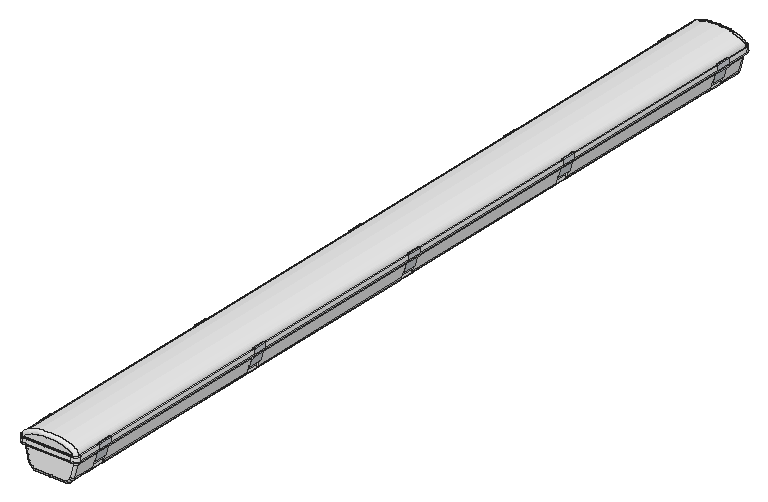
Revit family "0067994 Sylvania Lighting Fixture START Waterproof Twin 1500 Opal IP65 6600lm 840", category Lighting Fixtures, host Face, Revit 2016
Family settings
  Host = Face
  Part Type = Normal
  Round Connector Dimension = Use Diameter
  OmniClass Number = 23.80.70.11.14
  OmniClass Title = General Luminaries, Directional
  Cut with Voids When Loaded = No
  Light Source = Yes
  Shared = No
  Room Calculation Point = No
Parameters (values of type "0067994 ST WTRPRF T 1500 OPAL IP65 6600LM 840")
  Width = 110 mm
  Weight = "kg"
  Wattage Comments = "n/a"
  Wattage = 58 W
  WarrantyStartDate [instance] = "n/a"
  WarrantyGuarantorParts = "n/a"
  WarrantyDurationUnit = "n/a"
  WarrantyDurationParts = "n/a"
  WarrantyDescription = "n/a"
  built-in parameter 1150110 = 1 (stored number, unit not read)
  Voltage = 0 V
  URL = "http://www.sylvania-lighting.com"
  TypeName = "START Waterproof Twin 1500 Opal IP65 6600lm 840"
  Type Image = <None>
  Type Comments = "n/a"
  built-in parameter 1114217 = 1 (stored number, unit not read)
  Tilt Angle = -90.00°
  built-in parameter 1150109 = 1 (stored number, unit not read)
  built-in parameter 1150134 = 12
  built-in parameter 1150113 = 1 (stored number, unit not read)
  SerialNumber [instance] = "n/a"
  ReflectorMaterial = none
  PowerFactor = 0
  PowerConsumption = "58 W"
  Photometric Web File = "0067994.ies"
  NominalWidth = 0 mm
  NominalLength = 1578 mm
  NominalHeight = 78 mm
  Name = "START Waterproof Twin 1500 Opal IP65 6600lm 840"
  ModelReference = "START Waterproof Twin 1500 Opal IP65 6600lm 840"
  ModelNumber = "0067994"
  Model = "START Waterproof Twin 1500 Opal IP65 6600lm 840"
  Material = "polycarbonate housing, polycarbonate diffuser"
  ManufacturerName = "Feilo Sylvania"
  Manufacturer = "Feilo Sylvania"
  LuminousEfficacy = "114 lm/W"
  built-in parameter 1150105 = 526.17 (stored number, unit not read)
  Lumens = 6612 lm
  LuminaireType = ""
  built-in parameter 1150115 = 1 (stored number, unit not read)
  LightOutputRatio = "n/a"
  built-in parameter 1150137 = (empty or 0)
  built-in parameter 1150139 = (empty or 0)
  Length = 1572 mm
  LampsType = Lamp  # "LED"
  LampNominalLuminous = "6600 lm"
  LampMacAdamStep = "n/a"
  LampColourTemperature = "4000 K"
  LampColourRenderingIndex = "80"
  built-in parameter 1150112 = 1 (stored number, unit not read)
  built-in parameter 1150114 = 1 (stored number, unit not read)
  Lamp = "LED"
  Keynote = "16500"
  InstallationDate [instance] = "n/a"
  InputVoltage = "n/a"
  InputNominalFrequency = "n/a"
  built-in parameter 1150132 = (empty or 0)
  built-in parameter 1150102 = (empty or 0)
  built-in parameter 1150107 = 4000 (stored number, unit not read)
  built-in parameter 1150138 = (empty or 0)
  IngressProtection = "IP65"
  ImpactProtectionIndex = "IK08"
  built-in parameter 1150106 = 5.2617 (stored number, unit not read)
  IfcExportType = "IfcLightFixtureType"
  IfcExportAs = "IfcLightFixtureType"
  ExpectedLife = 50000
  Emit from Rectangle Width = Width - 20 mm  # 90 mm
  Emit from Rectangle Length = Length - 20 mm  # 1552 mm
  Emit Shape Visible in Rendering = no
  ElectricShockClassification = "Class I"
  built-in parameter 1150104 = 10.591 (stored number, unit not read)
  DurationUnit = "hours"
  DocumentationLiterature = "http://www.sylvania-lighting.com/product/en-int/products/0067994"
  DimmingControlOptions = "n/a"
  Dimming Lamp Color Temperature Shift = <None>
  DiffuserMaterial = Diffuser-Sylvania-Transparent
  Description = ""
  Default Elevation = 1219.2 mm
  CreatedOn = "11/27/2018"
  CreatedBy = "@sylvania-lighting.com"
  Cost = 0
  Color Filter = 16777215
  built-in parameter 1114216 [instance] = (empty or 0)
  ClassificationValue = "EF_70_80"
  ClassificationName = "Uniclass2015"
  BodyMaterial = Body-Sylvania-Gray
  BarCode [instance] = "n/a"
  built-in parameter 1114218 = 1 (stored number, unit not read)
  built-in parameter 1150133 = 10 (stored number, unit not read)
  AssetType = "Fixed"
  AssetIdentifier [instance] = "n/a"
  Assembly Code = "D5020200"
  Apparent Load = 58 VA
  AccessoryMaterial = Diffuser-Sylvania-Glow
Reference planes
  plane 1 "Center (Front/Back)": y = 0
  plane 2: z = 0
  plane 3 "Center (Left/Right)": x = 0
  plane 4: z = 54
  plane 5: x = -27.7
  plane 6: x = -34.8
  plane 7: x = -39.6
  plane 8: x = -42.2
  plane 9: z = 3
  plane 10: z = 7.8
  plane 11: z = 12.3
  plane 12: z = 36.6
  plane 13: z = 42.8
  plane 14: x = -51.1
  plane 15: z = 46.2
  plane 16: x = -55
  plane 17: y = 786
  plane 18: y = -786
  plane 19: x = 27.7
  plane 20: x = 34.8
  plane 21: x = 39.6
  plane 22: x = 42.2
  plane 23: x = 51.1
  plane 24: x = 55
  plane 25: y = 778.4
  plane 26: y = -778.4
  plane 27: y = -774.7
  plane 28: y = 774.7
  plane 29: z = 74
  plane 30: x = -51.5
  plane 31: x = 51.5
  plane 32: z = 55.2
  plane 33: y = -782.5
  plane 34: y = 782.5
  plane 35: x = -37.5
  plane 36: x = 37.5
  plane 37: x = -48.7
  plane 38: x = 48.7
  plane 39: x = 18
  plane 40: x = -18
  plane 41: z = 50.2
  plane 42: z = 24.6
  plane 43: y = 720
  plane 44: y = 706
  plane 45: y = 734
  plane 46: y = -720
  plane 47: y = 720
  plane 48: y = 706
  plane 49: y = 734
  plane 50: y = -720
  plane 51: y = -734
  plane 52: y = -706
  plane 53: y = 360
  plane 54: y = 346
  plane 55: y = 374
  plane 56: y = 0
  plane 57: y = -14
  plane 58: y = 14
  plane 59: y = -360
  plane 60: y = -374
  plane 61: y = -346
Forms (mm)
  Sweep 1, solid, material "Body-Sylvania-Gray" <- "BodyMaterial", detail levels medium+fine
    path origin (1223.4, -4572, 54) x (0, -1, 0) y (1, 0, 0)
      loop
        arc (-3796, -1278.4) -> (-3788.929, -1275.471) -> (-3786, -1268.4) r 10
        line (-3786, -1268.4) -> (-3786, -1178.4)
        arc (-3786, -1178.4) -> (-3788.929, -1171.329) -> (-3796, -1168.4) r 10
        line (-3796, -1168.4) -> (-5348, -1168.4)
        arc (-5348, -1168.4) -> (-5355.071, -1171.329) -> (-5358, -1178.4) r 10
        line (-5358, -1178.4) -> (-5358, -1268.4)
        arc (-5358, -1268.4) -> (-5355.071, -1275.471) -> (-5348, -1278.4) r 10
        line (-5348, -1278.4) -> (-3796, -1278.4)
    profile origin (-55, 0, 54) x (-1, 0, 0) y (0, 0, 1)
      loop
        line (0, 0) -> (-1, 0) -> (-1, -7.726)
        arc (-1, -7.726) -> (-1.994, -9.498) -> (-3.9, -10.2) r 2.937
        line (-3.9, -10.2) -> (-8.571, -10.2) -> (-8.571, -11.2) -> (-3.9, -11.2)
        arc (-3.9, -11.2) -> (-1.313, -10.231) -> (0, -7.8) r 3.937
        line (0, -7.8) -> (0, 0)
  Sweep 2, solid, material "Body-Sylvania-Gray" <- "BodyMaterial", detail levels medium+fine
    path origin (0, 0, 0) x (1, 0, 0) y (0, 0, 1)
      loop
        line (48.7, 42.8) -> (48.7, 36.6) -> (42.203, 12.31)
        arc (42.203, 12.31) -> (41.199, 9.884) -> (39.6, 7.8) r 10.052
        line (39.6, 7.8) -> (34.8, 3)
        arc (34.8, 3) -> (31.554, 0.781) -> (27.7, 0) r 9.902
        line (27.7, 0) -> (0, 0) -> (-27.7, 0)
        arc (-27.7, 0) -> (-31.554, 0.781) -> (-34.8, 3) r 9.902
        line (-34.8, 3) -> (-39.6, 7.8)
        arc (-39.6, 7.8) -> (-41.199, 9.884) -> (-42.203, 12.31) r 10.052
        line (-42.203, 12.31) -> (-48.7, 36.6) -> (-48.7, 42.8)
    profile origin (0, 0, 0) x (0, 0, -1) y (0, -1, 0)
      loop
        arc (0, 773.4) -> (-1.464, 776.936) -> (-5, 778.4) r 5
        line (-5, 778.4) -> (-7.8, 778.4) -> (-7.8, -778.4) -> (-5, -778.4)
        arc (-5, -778.4) -> (-1.464, -776.936) -> (0, -773.4) r 5
        line (0, -773.4) -> (0, 773.4)
  Extrusion 3, solid, material "Body-Sylvania-Gray" <- "BodyMaterial", detail levels medium+fine
    sketch origin (1524, 778.4, 1219.2) x (1, 0, 0) y (0, 0, 1)
      loop
        arc (-1558.668, -1204.874) -> (-1558.443, -1205.418) -> (-1558.085, -1205.885) r 2.252
        line (-1558.085, -1205.885) -> (-1553.231, -1210.738)
        arc (-1553.231, -1210.738) -> (-1552.534, -1211.227) -> (-1551.7, -1211.4) r 2.102
        line (-1551.7, -1211.4) -> (-1496.3, -1211.4)
        arc (-1496.3, -1211.4) -> (-1495.466, -1211.227) -> (-1494.769, -1210.738) r 2.102
        line (-1494.769, -1210.738) -> (-1489.915, -1205.885)
        arc (-1489.915, -1205.885) -> (-1489.557, -1205.418) -> (-1489.332, -1204.874) r 2.252
        line (-1489.332, -1204.874) -> (-1483.1, -1181.575) -> (-1483.1, -1176.4) -> (-1564.9, -1176.4) -> (-1564.9, -1181.575) -> (-1558.668, -1204.874)
    from 0 to 1556.8
  Sweep 4, solid, material "Diffuser-Sylvania-Transparent" <- "DiffuserMaterial", detail levels medium+fine
    path origin (0, 0, 0) x (1, 0, 0) y (0, 0, 1)
      loop
        spline (-51.5, 55.2) -> (-49.745, 60.066) -> (-44.6, 64.6) -> (-36.416, 68.494) -> (-25.75, 71.481) -> (-13.329, 73.359) -> (0, 74) -> (13.329, 73.359) -> (25.75, 71.481) -> (36.416, 68.494) -> (44.6, 64.6) -> (49.745, 60.066) -> (51.5, 55.2)
    profile origin (51.5, 0, 55.2) x (0, -1, 0) y (1, 0, 0)
      loop
        arc (782.5, -5.5) -> (780.889, -1.611) -> (777, 0) r 5.5
        line (777, 0) -> (-777, 0)
        arc (-777, 0) -> (-780.889, -1.611) -> (-782.5, -5.5) r 5.5
        line (-782.5, -5.5) -> (-782.5, -6.3) -> (-781.5, -6.3) -> (-781.5, -5.5)
        arc (-781.5, -5.5) -> (-780.182, -2.318) -> (-777, -1) r 4.5
        line (-777, -1) -> (777, -1)
        arc (777, -1) -> (780.182, -2.318) -> (781.5, -5.5) r 4.5
        line (781.5, -5.5) -> (781.5, -6.347) -> (782.5, -6.347) -> (782.5, -5.5)
  Extrusion 5, solid, material "Diffuser-Sylvania-Transparent" <- "DiffuserMaterial", detail levels medium+fine
    sketch origin (1524, -782.5, 1219.2) x (1, 0, 0) y (0, 0, 1)
      loop
        line (-1569.653, -1164) -> (-1478.347, -1164)
        spline (-1478.347, -1164) -> (-1478.969, -1162.594) -> (-1482.527, -1159.545) -> (-1489.588, -1156.201) -> (-1499.458, -1153.445) -> (-1511.242, -1151.663) -> (-1524, -1151.049) -> (-1536.758, -1151.663) -> (-1548.542, -1153.445) -> (-1558.412, -1156.201) -> (-1565.473, -1159.545) -> (-1569.031, -1162.594) -> (-1569.653, -1164)
    from 0 to -1
  Extrusion 6, solid, material "Diffuser-Sylvania-Transparent" <- "DiffuserMaterial", detail levels medium+fine
    sketch origin (1524, 782.5, 1219.2) x (1, 0, 0) y (0, 0, 1)
      loop
        spline (-1478.3, -1164) -> (-1478.931, -1162.565) -> (-1482.502, -1159.505) -> (-1489.572, -1156.155) -> (-1499.446, -1153.394) -> (-1511.236, -1151.614) -> (-1524, -1151.007) -> (-1536.764, -1151.614) -> (-1548.554, -1153.394) -> (-1558.428, -1156.155) -> (-1565.498, -1159.505) -> (-1569.069, -1162.565) -> (-1569.7, -1164)
        line (-1569.7, -1164) -> (-1478.3, -1164)
    from 0 to 1
  Extrusion 7, solid, material "Diffuser-Sylvania-Transparent" <- "DiffuserMaterial", detail levels medium+fine
    sketch origin (1223.4, -4572, 55.2) x (0, -1, 0) y (-1, 0, 0)
      loop
        arc (-5353.5, 1177.4) -> (-5352.182, 1174.218) -> (-5349, 1172.9) r 4.5
        line (-5349, 1172.9) -> (-3795, 1172.9)
        arc (-3795, 1172.9) -> (-3791.818, 1174.218) -> (-3790.5, 1177.4) r 4.5
        line (-3790.5, 1177.4) -> (-3790.5, 1269.4)
        arc (-3790.5, 1269.4) -> (-3791.818, 1272.582) -> (-3795, 1273.9) r 4.5
        line (-3795, 1273.9) -> (-5349, 1273.9)
        arc (-5349, 1273.9) -> (-5352.182, 1272.582) -> (-5353.5, 1269.4) r 4.5
        line (-5353.5, 1269.4) -> (-5353.5, 1177.4)
      loop
        line (-5358, 1268.4) -> (-5358, 1178.4)
        arc (-5358, 1178.4) -> (-5355.071, 1171.329) -> (-5348, 1168.4) r 10
        line (-5348, 1168.4) -> (-3796, 1168.4)
        arc (-3796, 1168.4) -> (-3788.929, 1171.329) -> (-3786, 1178.4) r 10
        line (-3786, 1178.4) -> (-3786, 1268.4)
        arc (-3786, 1268.4) -> (-3788.929, 1275.471) -> (-3796, 1278.4) r 10
        line (-3796, 1278.4) -> (-5348, 1278.4)
        arc (-5348, 1278.4) -> (-5355.071, 1275.471) -> (-5358, 1268.4) r 10
    from 0 to 1.2
  Extrusion 8, solid, material "Diffuser-Sylvania-Glow" <- "AccessoryMaterial", detail levels fine
    sketch origin (0, 0, 0) x (1, 0, 0) y (0, 0, 1)
      loop
        circle (-18, 50.2) r 8
      loop
        circle (18, 50.2) r 8
    from -774.7 to 774.7
  Extrusion 9, void
    sketch origin (0, 720, 2343.807) x (0, 0, -1) y (-1, 0, 0)
      loop
        line (2340.807, -37.5) -> (2331.507, -37.5) -> (2319.207, -42.2) -> (2319.207, -48.7) -> (2340.807, -48.7) -> (2340.807, -37.5)
      loop
        line (2340.807, 37.5) -> (2340.807, 48.7) -> (2319.207, 48.7) -> (2319.207, 42.2) -> (2331.507, 37.5) -> (2340.807, 37.5)
    from -14 to 14
  Extrusion 10, solid, material "Body-Sylvania-Gray" <- "BodyMaterial", detail levels coarse
    sketch origin (0, 0, 0) x (1, 0, 0) y (0, 0, 1)
      loop
        line (55, 42.8) -> (55, 55.2) -> (-55, 55.2) -> (-55, 42.791) -> (-42.2, 0) -> (42.2, 0) -> (55, 42.8)
    from -786 to 786
  Extrusion 11, solid, material "Diffuser-Sylvania-Transparent" <- "DiffuserMaterial", detail levels coarse
    sketch origin (0, 0, 0) x (1, 0, 0) y (0, 0, 1)
      loop
        arc (51.5, 55.2) -> (0, 74) -> (-51.5, 55.2) r 79.939
        line (-51.5, 55.2) -> (51.5, 55.2)
    from 778.4 to -778.4
  Extrusion 12, void, not visible
    sketch origin (0, 720, 2343.807) x (0, 0, -1) y (-1, 0, 0)
      loop
        line (2340.807, -37.5) -> (2331.507, -37.5) -> (2319.207, -42.2) -> (2319.207, -48.7) -> (2340.807, -48.7) -> (2340.807, -37.5)
      loop
        line (2340.807, 37.5) -> (2340.807, 48.7) -> (2319.207, 48.7) -> (2319.207, 42.2) -> (2331.507, 37.5) -> (2340.807, 37.5)
    from -14 to 14
  Extrusion 13, void
    sketch origin (0, -720, 2343.807) x (0, 0, -1) y (-1, 0, 0)
      loop
        line (2340.807, -37.5) -> (2331.507, -37.5) -> (2319.207, -42.2) -> (2319.207, -48.7) -> (2340.807, -48.7) -> (2340.807, -37.5)
      loop
        line (2340.807, 37.5) -> (2340.807, 48.7) -> (2319.207, 48.7) -> (2319.207, 42.2) -> (2331.507, 37.5) -> (2340.807, 37.5)
    from -14 to 14
  Extrusion 14, void
    sketch origin (0, 360, 2343.807) x (0, 0, -1) y (-1, 0, 0)
      loop
        line (2340.807, -37.5) -> (2331.507, -37.5) -> (2319.207, -42.2) -> (2319.207, -48.7) -> (2340.807, -48.7) -> (2340.807, -37.5)
      loop
        line (2340.807, 37.5) -> (2340.807, 48.7) -> (2319.207, 48.7) -> (2319.207, 42.2) -> (2331.507, 37.5) -> (2340.807, 37.5)
    from -14 to 14
  Extrusion 15, void
    sketch origin (0, 0, 2343.807) x (0, 0, -1) y (-1, 0, 0)
      loop
        line (2340.807, -37.5) -> (2331.507, -37.5) -> (2319.207, -42.2) -> (2319.207, -48.7) -> (2340.807, -48.7) -> (2340.807, -37.5)
      loop
        line (2340.807, 37.5) -> (2340.807, 48.7) -> (2319.207, 48.7) -> (2319.207, 42.2) -> (2331.507, 37.5) -> (2340.807, 37.5)
    from -14 to 14
  Extrusion 16, void
    sketch origin (0, -360, 2343.807) x (0, 0, -1) y (-1, 0, 0)
      loop
        line (2340.807, -37.5) -> (2331.507, -37.5) -> (2319.207, -42.2) -> (2319.207, -48.7) -> (2340.807, -48.7) -> (2340.807, -37.5)
      loop
        line (2340.807, 37.5) -> (2340.807, 48.7) -> (2319.207, 48.7) -> (2319.207, 42.2) -> (2331.507, 37.5) -> (2340.807, 37.5)
    from -14 to 14
Cuts and joins
  Extrusion 9, Extrusion 13, Extrusion 14, Extrusion 15, Extrusion 16 cuts Sweep 2
  Extrusion 13, Extrusion 14, Extrusion 15, Extrusion 16 cuts Extrusion 3
  joined: Sweep 2, Extrusion 3
  joined: Sweep 4, Extrusion 5, Extrusion 6
Dimensions and locks
  locked: plane 4 to plane 2 at 54
  plane 5 to plane 6 to plane 7 to plane 8 to plane 14 to plane 16 = 7.1 mm locked, 4.8 mm locked, 2.6 mm locked, 8.9 mm, 3.9 mm
  plane 4 to plane 15 to plane 13 to plane 12 to plane 11 to plane 10 to plane 9 = 7.8 mm locked, 3.4 mm, 6.2 mm locked, 24.3 mm locked, 4.5 mm locked, 4.8 mm locked
  equal spacing: plane 18, plane 1 "Center (Front/Back)", plane 17
  "Length": plane 18 to plane 17
  plane 19 to plane 20 to plane 21 to plane 22 to plane 23 to plane 24 = 7.1 mm locked, 4.8 mm locked, 2.6 mm locked, 8.9 mm, 3.9 mm
  equal spacing: plane 24, plane 3 "Center (Left/Right)", plane 16
  "Width": plane 24 to plane 16
  equal spacing: plane 27, plane 1 "Center (Front/Back)", plane 28
  locked: plane 26 to plane 27 at 3.7
  locked: Sweep 1 sketch curve to profile plane at 1
  locked: Sweep 1 sketch curve to plane 13 at 1
  locked: Sweep 1 sketch curve to plane 13 at 3.937  (x2)
  locked: Sweep 1 sketch curve to profile plane at 3.9  (x2)
  locked: plane 29 to plane 4 at 20
  equal spacing: plane 31, plane 3 "Center (Left/Right)", plane 30
  locked: plane 30 to plane 16 at 3.5
  locked: plane 32 to plane 4 at 1.2
  equal spacing: plane 33, plane 1 "Center (Front/Back)", plane 34
  equal spacing: plane 36, plane 3 "Center (Left/Right)", plane 35
  locked: plane 3 "Center (Left/Right)" to plane 35 at 37.5
  locked: plane 34 to plane 17 at 3.5
  equal spacing: plane 38, plane 3 "Center (Left/Right)", plane 37
  locked: plane 37 to plane 16 at 6.3
  equal spacing: plane 25, plane 1 "Center (Front/Back)", plane 26
  locked: plane 17 to plane 25 at 7.6
  locked: Sweep 2 sketch curve to plane 2 at 5  (x2)
  locked: Sweep 2 sketch curve to plane 26 at 5
  locked: plane 25 to Sweep 2 sketch curve at 5
  locked: Sweep 4 sketch curve to plane 31 at 5.5  (x2)
  locked: Sweep 4 sketch curve to plane 34 at 5.5
  plane 33 to Sweep 4 sketch curve = 5.5 mm
  locked: plane 34 to Sweep 4 sketch curve at 1
  locked: Sweep 4 sketch curve to plane 31 at 1
  locked: Sweep 4 sketch curve to Sweep 4 sketch curve at 1
  locked: Sweep 4 sketch curve to plane 31 at 6.347
  locked: Sweep 4 sketch curve to plane 31 at 6.3
  equal spacing: plane 39, plane 3 "Center (Left/Right)", plane 40
  locked: plane 3 "Center (Left/Right)" to plane 40 at 18
  locked: plane 42 to plane 2 at 24.6
  plane 45 to plane 43 to plane 44 = 14 mm locked, 14 mm locked
  locked: plane 17 to plane 43 at 66
  equal spacing: plane 43, plane 1 "Center (Front/Back)", plane 46
  plane 49 to plane 47 to plane 48 = 14 mm locked, 14 mm locked
  plane 52 to plane 50 to plane 51 = 14 mm locked, 14 mm locked  (x2)
  equal spacing: group 1, group 6, group 7, group 8, group 5  (x2)
  equal spacing: group 5, group 8, group 7, group 6, group 1
  plane 55 to plane 53 to plane 54 = 14 mm locked, 14 mm locked  (x2)
  plane 58 to plane 56 to plane 57 = 14 mm locked, 14 mm locked  (x2)
  plane 61 to plane 59 to plane 60 = 14 mm locked, 14 mm locked  (x2)
  plane 43 to plane 53 to plane 1 "Center (Front/Back)" to plane 59 to plane 50 = 360 mm locked, 360 mm locked, 360 mm locked, 360 mm locked
  aligned and locked: plane 2 to host face
  aligned and locked: level to host face
  aligned and locked: plane 16 to Sweep 1 sketch curve
  aligned and locked: Sweep 1 sketch curve to plane 24
  aligned and locked: plane 18 to Sweep 1 sketch curve
  aligned and locked: Sweep 1 sketch curve to plane 13
  aligned and locked: profile plane to Sweep 1 sketch curve
  aligned and locked: plane 3 "Center (Left/Right)" to Sweep 2 sketch curve
  aligned and locked: plane 9 to Sweep 2 sketch curve
  aligned and locked: plane 10 to Sweep 2 sketch curve
  aligned and locked: plane 37 to Sweep 2 sketch curve
  aligned and locked: plane 12 to Sweep 2 sketch curve
  aligned and locked: Sweep 2 sketch curve to level
  aligned and locked: plane 21 to Sweep 2 sketch curve
  aligned and locked: plane 38 to Sweep 2 sketch curve
  aligned and locked: profile plane to Sweep 2 sketch curve
  aligned and locked: plane 25 to Sweep 2 sketch curve
  aligned and locked: Sweep 2 sketch curve to plane 10
  aligned and locked: Extrusion 3 sketch curve to Sweep 2  (x7)
  aligned and locked: Sweep 2 to Extrusion 3 sketch curve
  aligned and locked: Extrusion 3 to plane 25
  aligned and locked: plane 26 to Extrusion 3
  aligned and locked: plane 32 to Sweep 4 sketch curve
  aligned and locked: plane 33 to Sweep 4 sketch curve
  aligned and locked: Sweep 4 to Extrusion 5
  aligned and locked: plane 33 to Extrusion 5
  aligned and locked: Extrusion 5 sketch curve to Sweep 4
  aligned and locked: cut or joined group of Sweep 4, Extrusion 5, Extrusion 6 to Extrusion 6 sketch curve
  aligned and locked: Extrusion 7 sketch curve to cut or joined group of Sweep 4, Extrusion 5, Extrusion 6  (x2)
  aligned and locked: cut or joined group of Sweep 4, Extrusion 5, Extrusion 6 to Extrusion 7 sketch curve  (x2)
  aligned and locked: plane 41 to Extrusion 8 sketch curve  (x2)
  aligned and locked: plane 39 to Extrusion 8 sketch curve
  aligned and locked: plane 27 to Extrusion 8
  aligned and locked: Extrusion 8 to plane 28
  aligned and locked: Extrusion 9 to plane 42
  aligned and locked: plane 9 to Extrusion 9
  aligned and locked: plane 44 to Extrusion 9
  aligned and locked: Extrusion 9 to plane 45
  aligned and locked: Extrusion 7 sketch curve to Sweep 1  (x4)
  aligned and locked: plane 4 to Extrusion 7
  aligned and locked: Extrusion 7 to plane 32
  aligned and locked: nested 2 to plane 43
  aligned and locked: plane 43 to nested 1
  aligned and locked: Extrusion 10 sketch curve to plane 24
  aligned and locked: Extrusion 10 sketch curve to Extrusion 7
  aligned and locked: plane 8 to Extrusion 10 sketch curve
  aligned and locked: plane 22 to Extrusion 10 sketch curve
  aligned and locked: level to Extrusion 10 sketch curve
  aligned and locked: Extrusion 10 to plane 17
  aligned and locked: plane 18 to Extrusion 10
  aligned and locked: cut or joined group of Sweep 4, Extrusion 5, Extrusion 6 to Extrusion 11 sketch curve
  aligned and locked: Extrusion 11 sketch curve to cut or joined group of Sweep 4, Extrusion 5, Extrusion 6  (x2)
  aligned and locked: plane 31 to Extrusion 11 sketch curve
  aligned and locked: plane 30 to Extrusion 11 sketch curve
  aligned and locked: plane 26 to Extrusion 11
  aligned and locked: Extrusion 11 to plane 25
  aligned and locked: imposter light to plane 29
  aligned and locked: plane 3 "Center (Left/Right)" to imposter light
  aligned and locked: plane 1 "Center (Front/Back)" to imposter light
  aligned and locked: plane 51 to Extrusion 13
  aligned and locked: Extrusion 13 to plane 52
  aligned and locked: plane 54 to Extrusion 14
  aligned and locked: Extrusion 14 to plane 55
  aligned and locked: plane 57 to Extrusion 15
  aligned and locked: Extrusion 15 to plane 58
  aligned and locked: plane 60 to Extrusion 16
  aligned and locked: Extrusion 16 to plane 61
  aligned and locked: nested 3 to plane 53
  aligned and locked: plane 53 to nested 10
  aligned and locked: nested 4 to plane 56
  aligned and locked: plane 56 to nested 9
  aligned and locked: nested 5 to plane 59
  aligned and locked: plane 59 to nested 8
  aligned and locked: nested 6 to plane 50
  aligned and locked: plane 50 to nested 7
Automatic sketch dimensions
  host sketch curve to host sketch curve = 2438.4 mm  (x2)
  plane 17 to Sweep 1 sketch curve = 0 mm
  Sweep 1 sketch curve to plane 28 = 1.3 mm
  Sweep 1 sketch curve to plane 7 = 5.4 mm
  plane 27 to Sweep 1 sketch curve = 1.3 mm  (x2)
  Sweep 1 sketch curve to Sweep 1 sketch curve = 4.671 mm
  Sweep 1 sketch curve to plane 4 = 0 mm
  Sweep 2 sketch curve to plane 7 = 0 mm
  Sweep 2 sketch curve to plane 6 = 0 mm
  Sweep 2 sketch curve to plane 5 = 0 mm
  plane 19 to Sweep 2 sketch curve = 0 mm
  Sweep 2 sketch curve to plane 9 = 0 mm
  plane 20 to Sweep 2 sketch curve = 0 mm
  Sweep 2 sketch curve to plane 12 = 0 mm
  Sweep 2 sketch curve to plane 10 = 0 mm
  Sweep 2 sketch curve to plane 13 = 0 mm  (x2)
  Sweep 2 sketch curve to plane 8 = 0.003 mm
  plane 6 to Sweep 2 sketch curve = 2.308 mm
  plane 20 to Sweep 2 sketch curve = 2.308 mm
  Sweep 2 sketch curve to plane 22 = 0.003 mm
  Sweep 2 sketch curve to plane 11 = 0.01 mm  (x2)
  Extrusion 3 sketch curve to plane 5 = 0 mm
  plane 19 to Extrusion 3 sketch curve = 0 mm
  plane 6 to Extrusion 3 sketch curve = 0.132 mm
  plane 6 to Extrusion 3 sketch curve = 0.715 mm
  Extrusion 3 sketch curve to Extrusion 3 sketch curve = 1.592 mm
  Extrusion 3 sketch curve to plane 10 = 0.662 mm  (x2)
  plane 20 to Extrusion 3 sketch curve = 2.308 mm
  plane 20 to Extrusion 3 sketch curve = 0.715 mm
  plane 20 to Extrusion 3 sketch curve = 0.132 mm
  Sweep 4 sketch curve to plane 30 = 0 mm
  Sweep 4 sketch curve to plane 3 "Center (Left/Right)" = 0 mm
  Sweep 4 sketch curve to Sweep 4 sketch curve = 0 mm  (x2)
  plane 37 to Extrusion 5 sketch curve = 3.047 mm
  Extrusion 5 sketch curve to plane 38 = 3.047 mm
  plane 37 to Extrusion 6 sketch curve = 3 mm
  Extrusion 6 sketch curve to plane 38 = 3 mm
  plane 25 to Extrusion 7 sketch curve = 1.4 mm  (x2)
  Extrusion 7 sketch curve to plane 26 = 1.4 mm  (x2)
  Extrusion 8 sketch curve to plane 40 = 0 mm
  Extrusion 9 sketch curve to Extrusion 9 sketch curve = 0 mm
  Extrusion 9 sketch curve to Extrusion 9 sketch curve = 12.3 mm  (x2)
  Extrusion 9 sketch curve to Extrusion 9 sketch curve = 9.3 mm  (x2)
  Extrusion 9 sketch curve to Extrusion 9 sketch curve = 6.5 mm
  Extrusion 9 sketch curve to Extrusion 9 sketch curve = 4.7 mm  (x2)
  Extrusion 9 sketch curve to Extrusion 9 sketch curve = 75 mm
  Extrusion 9 sketch curve to Extrusion 9 sketch curve = 11.2 mm
  Extrusion 10 sketch curve to plane 13 = 0 mm
  plane 13 to Extrusion 10 sketch curve = 0.009 mm
  Extrusion 11 sketch curve to level = 5.939 mm
  Extrusion 10 sketch curve to plane 16 = 0 mm
  Extrusion 12 sketch curve to Extrusion 12 sketch curve = 0 mm
  Extrusion 12 sketch curve to Extrusion 12 sketch curve = 12.3 mm  (x2)
  Extrusion 12 sketch curve to Extrusion 12 sketch curve = 9.3 mm  (x2)
  Extrusion 12 sketch curve to Extrusion 12 sketch curve = 6.5 mm
  Extrusion 12 sketch curve to Extrusion 12 sketch curve = 4.7 mm  (x2)
  Extrusion 12 sketch curve to Extrusion 12 sketch curve = 75 mm
  Extrusion 12 sketch curve to Extrusion 12 sketch curve = 11.2 mm
  Extrusion 13 sketch curve to Extrusion 13 sketch curve = 0 mm
  Extrusion 13 sketch curve to Extrusion 13 sketch curve = 12.3 mm  (x2)
  Extrusion 13 sketch curve to Extrusion 13 sketch curve = 9.3 mm  (x2)
  Extrusion 13 sketch curve to Extrusion 13 sketch curve = 6.5 mm
  Extrusion 13 sketch curve to Extrusion 13 sketch curve = 4.7 mm  (x2)
  Extrusion 13 sketch curve to Extrusion 13 sketch curve = 75 mm
  Extrusion 13 sketch curve to Extrusion 13 sketch curve = 11.2 mm
  Extrusion 14 sketch curve to Extrusion 14 sketch curve = 0 mm
  Extrusion 14 sketch curve to Extrusion 14 sketch curve = 12.3 mm  (x2)
  Extrusion 14 sketch curve to Extrusion 14 sketch curve = 9.3 mm  (x2)
  Extrusion 14 sketch curve to Extrusion 14 sketch curve = 6.5 mm
  Extrusion 14 sketch curve to Extrusion 14 sketch curve = 4.7 mm  (x2)
  Extrusion 14 sketch curve to Extrusion 14 sketch curve = 75 mm
  Extrusion 14 sketch curve to Extrusion 14 sketch curve = 11.2 mm
  Extrusion 15 sketch curve to Extrusion 15 sketch curve = 0 mm
  Extrusion 15 sketch curve to Extrusion 15 sketch curve = 12.3 mm  (x2)
  Extrusion 15 sketch curve to Extrusion 15 sketch curve = 9.3 mm  (x2)
  Extrusion 15 sketch curve to Extrusion 15 sketch curve = 6.5 mm
  Extrusion 15 sketch curve to Extrusion 15 sketch curve = 4.7 mm  (x2)
  Extrusion 15 sketch curve to Extrusion 15 sketch curve = 75 mm
  Extrusion 15 sketch curve to Extrusion 15 sketch curve = 11.2 mm
  Extrusion 16 sketch curve to Extrusion 16 sketch curve = 0 mm
  Extrusion 16 sketch curve to Extrusion 16 sketch curve = 12.3 mm  (x2)
  Extrusion 16 sketch curve to Extrusion 16 sketch curve = 9.3 mm  (x2)
  Extrusion 16 sketch curve to Extrusion 16 sketch curve = 6.5 mm
  Extrusion 16 sketch curve to Extrusion 16 sketch curve = 4.7 mm  (x2)
  Extrusion 16 sketch curve to Extrusion 16 sketch curve = 75 mm
  Extrusion 16 sketch curve to Extrusion 16 sketch curve = 11.2 mm
  radius of Extrusion 8 sketch curve = 8 mm  (x2)
Nested families
  nested 1: "Clip" at (42.2, 720, 24.6), type "Clip", detail levels fine
  nested 2: "Clip" at (-42.2, 720, 24.6) x (-1, 0, 0) z (0, 0, 1), type "Clip", detail levels fine
  nested 3: "Clip" at (-42.2, 360, 24.6) x (-1, 0, 0) z (0, 0, 1), type "Clip", detail levels fine
  nested 4: "Clip" at (-42.2, 0, 24.6) x (-1, 0, 0) z (0, 0, 1), type "Clip", detail levels fine
  nested 5: "Clip" at (-42.2, -360, 24.6) x (-1, 0, 0) z (0, 0, 1), type "Clip", detail levels fine
  nested 6: "Clip" at (-42.2, -720, 24.6) x (-1, 0, 0) z (0, 0, 1), type "Clip", detail levels fine
  nested 7: "Clip" at (42.2, -720, 24.6), type "Clip", detail levels fine
  nested 8: "Clip" at (42.2, -360, 24.6), type "Clip", detail levels fine
  nested 9: "Clip" at (42.2, 0, 24.6), type "Clip", detail levels fine
  nested 10: "Clip" at (42.2, 360, 24.6), type "Clip", detail levels fine
Connectors
  electrical at (0, 0, 0), driven by "Apparent Load"
    settings: index 1, voltage 230 V, apparent load 58 VA, apparent load phase1 0 VA, apparent load phase2 0 VA, apparent load phase3 0 VA, power factor 0, load classification "Lighting", number of poles 1, system type 30, power factor state 1, is connector primary yes, connector utility no, sub classification motor no, connector description ""
Definition of nested family "Clip"
  Parameters (values of type "Clip")
    URL = "http://www.feilosylvania.com"
    Type Comments = "n/a"
    Model = "n/a"
    Manufacturer = "Feilo Sylvania"
    Keynote = "n/a"
    Description = "n/a"
    Default Elevation = 1219.2 mm
    Cost = 0
    BodyMaterial = none
    Assembly Code = "n/a"
  Reference planes
    plane 1 "Center (Front/Back)": y = 0
    plane 2: z = 0
    plane 3 "Center (Left/Right)": x = 0
    plane 4: x = 3.3
    plane 5: x = 6.5
    plane 6: x = 8.9
    plane 7: x = 12.8
    plane 8: z = 12
    plane 9: z = 18.2
    plane 10: z = 21.6
    plane 11: z = 30.6
    plane 12: x = 9.3
    plane 13: z = 19.2
    plane 14: z = 16.2
    plane 15: x = 10.1
    plane 16: y = 12
    plane 17: y = -12
  Forms (mm)
    Extrusion 1, solid
      sketch origin (-0.8, 0, 0) x (1, 0, 0) y (0, 1, 0)
        loop
          line (-1219.2, 1219.2) -> (-1219.2, -1219.2) -> (1219.2, -1219.2) -> (1219.2, 1219.2) -> (-1219.2, 1219.2)
      from 0 to -304.8
    Extrusion 2, solid
      sketch origin (0, 0, 0) x (1, 0, 0) y (0, 0, 1)
        loop
          line (8.9, 16.2) -> (4.58, 0) -> (0, 0) -> (0, -0.8) -> (5.195, -0.8) -> (9.603, 15.731) -> (13.6, 18.806) -> (13.6, 30.6)
          arc (13.6, 30.6) -> (11.45, 32.75) -> (9.3, 30.6) r 2.15
          line (9.3, 30.6) -> (10.1, 30.6)
          arc (10.1, 30.6) -> (11.45, 31.95) -> (12.8, 30.6) r 1.35
          line (12.8, 30.6) -> (12.8, 19.2) -> (8.9, 16.2)
      from -12 to 12
  Lines and regions (mm)
    reference lines
      curve 1: line (3.3, 0, 0) -> (6.5, 0, 12)
      curve 2: arc (8.9, 0, 18.2) -> (11.488, 0, 19.169) -> (12.8, 0, 21.6) r 3.934
  Dimensions and locks
    plane 7 to plane 6 to plane 5 to plane 4 to plane 3 "Center (Left/Right)" = 3.9 mm locked, 2.4 mm locked, 3.2 mm locked, 3.3 mm locked
    plane 11 to plane 10 to plane 9 to plane 8 to plane 2 = 9 mm locked, 3.4 mm locked, 6.2 mm locked, 12 mm locked
    locked: plane 7 to plane 12 at 3.5
    locked: plane 13 to plane 9 at 1
    locked: plane 9 to plane 14 at 2
    locked: plane 15 to plane 12 at 0.8
    locked: plane 2 to Extrusion 2 sketch curve at 0.8
    locked: Extrusion 2 sketch curve to Extrusion 2 sketch curve at 0.8  (x3)
    locked: plane 7 to Extrusion 2 sketch curve at 1.35
    equal spacing: plane 17, plane 1 "Center (Front/Back)", plane 16
    locked: plane 1 "Center (Front/Back)" to plane 16 at 12
    aligned and locked: plane 2 to Extrusion 1
    aligned and locked: level to Extrusion 1
    aligned and locked: plane 4 to curve 1
    aligned and locked: plane 5 to curve 1
    aligned and locked: plane 6 to curve 2
    aligned and locked: plane 10 to curve 2
    aligned and locked: plane 14 to Extrusion 2 sketch curve
    aligned and locked: plane 13 to Extrusion 2 sketch curve
    aligned and locked: plane 7 to Extrusion 2 sketch curve
    aligned and locked: plane 3 "Center (Left/Right)" to Extrusion 2 sketch curve
    aligned and locked: Extrusion 2 sketch curve to level
    aligned and locked: Extrusion 2 sketch curve to plane 11
    aligned and locked: plane 11 to Extrusion 2 sketch curve
    aligned and locked: Extrusion 2 to plane 16
    aligned and locked: plane 17 to Extrusion 2
  Automatic sketch dimensions
    Extrusion 1 sketch curve to Extrusion 1 sketch curve = 2438.4 mm  (x2)
    curve 2 to plane 7 = 0 mm
    curve 1 to level = 0 mm
    curve 1 to plane 8 = 0 mm
    curve 2 to plane 9 = 0 mm
    plane 6 to curve 2 = 0.002 mm
    Extrusion 2 sketch curve to Extrusion 2 sketch curve = 0 mm
    Extrusion 2 sketch curve to plane 6 = 0 mm
    plane 4 to Extrusion 2 sketch curve = 1.28 mm
